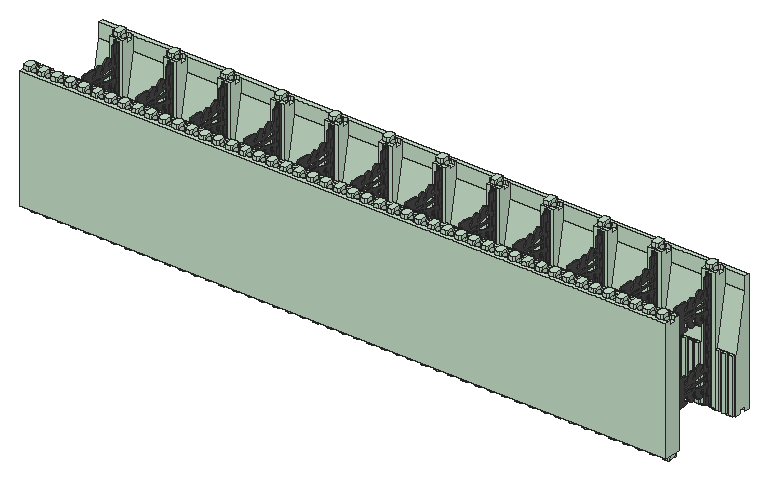
Revit family "ICF- NUDURA 10-inch- Single Sided Taper Top- Imperial", category Generic Models, Revit 2010 (continued)
Forms (in)
  Extrusion 51, void
    sketch origin (86, 0, 0) x (-1, 0, 0) y (0, -1, 0)
      loop
        arc (1, -4.89808) -> (1.04785, -5.04517) -> (1.17308, -5.13595) r 0.25
        arc (1.17308, -5.13595) -> (1.5, -5.1875) -> (1.82692, -5.13595) r 1.0625
        arc (1.82692, -5.13595) -> (1.95215, -5.04517) -> (2, -4.89808) r 0.25
        line (2, -4.89808) -> (2, -3.97692)
        arc (2, -3.97692) -> (1.98276, -3.88568) -> (1.9334, -3.80702) r 0.25
        arc (1.9334, -3.80702) -> (1.92106, -3.78736) -> (1.91675, -3.76455) r 0.0625
        line (1.91675, -3.76455) -> (1.91675, -3.41845) -> (1.74592, -3.41845) -> (1.74592, -3.64005)
        arc (1.74592, -3.64005) -> (1.72385, -3.68771) -> (1.67323, -3.70172) r 0.0625
        arc (1.67323, -3.70172) -> (1.42092, -3.69045) -> (1.17308, -3.73905) r 1.0625
        arc (1.17308, -3.73905) -> (1.04785, -3.82983) -> (1, -3.97692) r 0.25
        line (1, -3.97692) -> (1, -4.89808)
    from 18 to 17.5
  Extrusion 52, void
    sketch origin (78, 0, 0) x (-1, 0, 0) y (0, -1, 0)
      loop
        arc (1, -4.89808) -> (1.04785, -5.04517) -> (1.17308, -5.13595) r 0.25
        arc (1.17308, -5.13595) -> (1.5, -5.1875) -> (1.82692, -5.13595) r 1.0625
        arc (1.82692, -5.13595) -> (1.95215, -5.04517) -> (2, -4.89808) r 0.25
        line (2, -4.89808) -> (2, -3.97692)
        arc (2, -3.97692) -> (1.98276, -3.88568) -> (1.9334, -3.80702) r 0.25
        arc (1.9334, -3.80702) -> (1.92106, -3.78736) -> (1.91675, -3.76455) r 0.0625
        line (1.91675, -3.76455) -> (1.91675, -3.41845) -> (1.74592, -3.41845) -> (1.74592, -3.64005)
        arc (1.74592, -3.64005) -> (1.72385, -3.68771) -> (1.67323, -3.70172) r 0.0625
        arc (1.67323, -3.70172) -> (1.42092, -3.69045) -> (1.17308, -3.73905) r 1.0625
        arc (1.17308, -3.73905) -> (1.04785, -3.82983) -> (1, -3.97692) r 0.25
        line (1, -3.97692) -> (1, -4.89808)
    from 18 to 17.5
  Extrusion 53, void
    sketch origin (70, 0, 0) x (-1, 0, 0) y (0, -1, 0)
      loop
        arc (1, -4.89808) -> (1.04785, -5.04517) -> (1.17308, -5.13595) r 0.25
        arc (1.17308, -5.13595) -> (1.5, -5.1875) -> (1.82692, -5.13595) r 1.0625
        arc (1.82692, -5.13595) -> (1.95215, -5.04517) -> (2, -4.89808) r 0.25
        line (2, -4.89808) -> (2, -3.97692)
        arc (2, -3.97692) -> (1.98276, -3.88568) -> (1.9334, -3.80702) r 0.25
        arc (1.9334, -3.80702) -> (1.92106, -3.78736) -> (1.91675, -3.76455) r 0.0625
        line (1.91675, -3.76455) -> (1.91675, -3.41845) -> (1.74592, -3.41845) -> (1.74592, -3.64005)
        arc (1.74592, -3.64005) -> (1.72385, -3.68771) -> (1.67323, -3.70172) r 0.0625
        arc (1.67323, -3.70172) -> (1.42092, -3.69045) -> (1.17308, -3.73905) r 1.0625
        arc (1.17308, -3.73905) -> (1.04785, -3.82983) -> (1, -3.97692) r 0.25
        line (1, -3.97692) -> (1, -4.89808)
    from 18 to 17.5
  Extrusion 54, void
    sketch origin (62, 0, 0) x (-1, 0, 0) y (0, -1, 0)
      loop
        arc (1, -4.89808) -> (1.04785, -5.04517) -> (1.17308, -5.13595) r 0.25
        arc (1.17308, -5.13595) -> (1.5, -5.1875) -> (1.82692, -5.13595) r 1.0625
        arc (1.82692, -5.13595) -> (1.95215, -5.04517) -> (2, -4.89808) r 0.25
        line (2, -4.89808) -> (2, -3.97692)
        arc (2, -3.97692) -> (1.98276, -3.88568) -> (1.9334, -3.80702) r 0.25
        arc (1.9334, -3.80702) -> (1.92106, -3.78736) -> (1.91675, -3.76455) r 0.0625
        line (1.91675, -3.76455) -> (1.91675, -3.41845) -> (1.74592, -3.41845) -> (1.74592, -3.64005)
        arc (1.74592, -3.64005) -> (1.72385, -3.68771) -> (1.67323, -3.70172) r 0.0625
        arc (1.67323, -3.70172) -> (1.42092, -3.69045) -> (1.17308, -3.73905) r 1.0625
        arc (1.17308, -3.73905) -> (1.04785, -3.82983) -> (1, -3.97692) r 0.25
        line (1, -3.97692) -> (1, -4.89808)
    from 18 to 17.5
  Extrusion 55, void
    sketch origin (54, 0, 0) x (-1, 0, 0) y (0, -1, 0)
      loop
        arc (1, -4.89808) -> (1.04785, -5.04517) -> (1.17308, -5.13595) r 0.25
        arc (1.17308, -5.13595) -> (1.5, -5.1875) -> (1.82692, -5.13595) r 1.0625
        arc (1.82692, -5.13595) -> (1.95215, -5.04517) -> (2, -4.89808) r 0.25
        line (2, -4.89808) -> (2, -3.97692)
        arc (2, -3.97692) -> (1.98276, -3.88568) -> (1.9334, -3.80702) r 0.25
        arc (1.9334, -3.80702) -> (1.92106, -3.78736) -> (1.91675, -3.76455) r 0.0625
        line (1.91675, -3.76455) -> (1.91675, -3.41845) -> (1.74592, -3.41845) -> (1.74592, -3.64005)
        arc (1.74592, -3.64005) -> (1.72385, -3.68771) -> (1.67323, -3.70172) r 0.0625
        arc (1.67323, -3.70172) -> (1.42092, -3.69045) -> (1.17308, -3.73905) r 1.0625
        arc (1.17308, -3.73905) -> (1.04785, -3.82983) -> (1, -3.97692) r 0.25
        line (1, -3.97692) -> (1, -4.89808)
    from 18 to 17.5
  Extrusion 56, void
    sketch origin (46, 0, 0) x (-1, 0, 0) y (0, -1, 0)
      loop
        arc (1, -4.89808) -> (1.04785, -5.04517) -> (1.17308, -5.13595) r 0.25
        arc (1.17308, -5.13595) -> (1.5, -5.1875) -> (1.82692, -5.13595) r 1.0625
        arc (1.82692, -5.13595) -> (1.95215, -5.04517) -> (2, -4.89808) r 0.25
        line (2, -4.89808) -> (2, -3.97692)
        arc (2, -3.97692) -> (1.98276, -3.88568) -> (1.9334, -3.80702) r 0.25
        arc (1.9334, -3.80702) -> (1.92106, -3.78736) -> (1.91675, -3.76455) r 0.0625
        line (1.91675, -3.76455) -> (1.91675, -3.41845) -> (1.74592, -3.41845) -> (1.74592, -3.64005)
        arc (1.74592, -3.64005) -> (1.72385, -3.68771) -> (1.67323, -3.70172) r 0.0625
        arc (1.67323, -3.70172) -> (1.42092, -3.69045) -> (1.17308, -3.73905) r 1.0625
        arc (1.17308, -3.73905) -> (1.04785, -3.82983) -> (1, -3.97692) r 0.25
        line (1, -3.97692) -> (1, -4.89808)
    from 18 to 17.5
  Extrusion 57, void
    sketch origin (38, 0, 0) x (-1, 0, 0) y (0, -1, 0)
      loop
        arc (1, -4.89808) -> (1.04785, -5.04517) -> (1.17308, -5.13595) r 0.25
        arc (1.17308, -5.13595) -> (1.5, -5.1875) -> (1.82692, -5.13595) r 1.0625
        arc (1.82692, -5.13595) -> (1.95215, -5.04517) -> (2, -4.89808) r 0.25
        line (2, -4.89808) -> (2, -3.97692)
        arc (2, -3.97692) -> (1.98276, -3.88568) -> (1.9334, -3.80702) r 0.25
        arc (1.9334, -3.80702) -> (1.92106, -3.78736) -> (1.91675, -3.76455) r 0.0625
        line (1.91675, -3.76455) -> (1.91675, -3.41845) -> (1.74592, -3.41845) -> (1.74592, -3.64005)
        arc (1.74592, -3.64005) -> (1.72385, -3.68771) -> (1.67323, -3.70172) r 0.0625
        arc (1.67323, -3.70172) -> (1.42092, -3.69045) -> (1.17308, -3.73905) r 1.0625
        arc (1.17308, -3.73905) -> (1.04785, -3.82983) -> (1, -3.97692) r 0.25
        line (1, -3.97692) -> (1, -4.89808)
    from 18 to 17.5
  Extrusion 58, void
    sketch origin (30, 0, 0) x (-1, 0, 0) y (0, -1, 0)
      loop
        arc (1, -4.89808) -> (1.04785, -5.04517) -> (1.17308, -5.13595) r 0.25
        arc (1.17308, -5.13595) -> (1.5, -5.1875) -> (1.82692, -5.13595) r 1.0625
        arc (1.82692, -5.13595) -> (1.95215, -5.04517) -> (2, -4.89808) r 0.25
        line (2, -4.89808) -> (2, -3.97692)
        arc (2, -3.97692) -> (1.98276, -3.88568) -> (1.9334, -3.80702) r 0.25
        arc (1.9334, -3.80702) -> (1.92106, -3.78736) -> (1.91675, -3.76455) r 0.0625
        line (1.91675, -3.76455) -> (1.91675, -3.41845) -> (1.74592, -3.41845) -> (1.74592, -3.64005)
        arc (1.74592, -3.64005) -> (1.72385, -3.68771) -> (1.67323, -3.70172) r 0.0625
        arc (1.67323, -3.70172) -> (1.42092, -3.69045) -> (1.17308, -3.73905) r 1.0625
        arc (1.17308, -3.73905) -> (1.04785, -3.82983) -> (1, -3.97692) r 0.25
        line (1, -3.97692) -> (1, -4.89808)
    from 18 to 17.5
  Extrusion 59, void
    sketch origin (22, 0, 0) x (-1, 0, 0) y (0, -1, 0)
      loop
        arc (1, -4.89808) -> (1.04785, -5.04517) -> (1.17308, -5.13595) r 0.25
        arc (1.17308, -5.13595) -> (1.5, -5.1875) -> (1.82692, -5.13595) r 1.0625
        arc (1.82692, -5.13595) -> (1.95215, -5.04517) -> (2, -4.89808) r 0.25
        line (2, -4.89808) -> (2, -3.97692)
        arc (2, -3.97692) -> (1.98276, -3.88568) -> (1.9334, -3.80702) r 0.25
        arc (1.9334, -3.80702) -> (1.92106, -3.78736) -> (1.91675, -3.76455) r 0.0625
        line (1.91675, -3.76455) -> (1.91675, -3.41845) -> (1.74592, -3.41845) -> (1.74592, -3.64005)
        arc (1.74592, -3.64005) -> (1.72385, -3.68771) -> (1.67323, -3.70172) r 0.0625
        arc (1.67323, -3.70172) -> (1.42092, -3.69045) -> (1.17308, -3.73905) r 1.0625
        arc (1.17308, -3.73905) -> (1.04785, -3.82983) -> (1, -3.97692) r 0.25
        line (1, -3.97692) -> (1, -4.89808)
    from 18 to 17.5
  Extrusion 60, void
    sketch origin (14, 0, 0) x (-1, 0, 0) y (0, -1, 0)
      loop
        arc (1, -4.89808) -> (1.04785, -5.04517) -> (1.17308, -5.13595) r 0.25
        arc (1.17308, -5.13595) -> (1.5, -5.1875) -> (1.82692, -5.13595) r 1.0625
        arc (1.82692, -5.13595) -> (1.95215, -5.04517) -> (2, -4.89808) r 0.25
        line (2, -4.89808) -> (2, -3.97692)
        arc (2, -3.97692) -> (1.98276, -3.88568) -> (1.9334, -3.80702) r 0.25
        arc (1.9334, -3.80702) -> (1.92106, -3.78736) -> (1.91675, -3.76455) r 0.0625
        line (1.91675, -3.76455) -> (1.91675, -3.41845) -> (1.74592, -3.41845) -> (1.74592, -3.64005)
        arc (1.74592, -3.64005) -> (1.72385, -3.68771) -> (1.67323, -3.70172) r 0.0625
        arc (1.67323, -3.70172) -> (1.42092, -3.69045) -> (1.17308, -3.73905) r 1.0625
        arc (1.17308, -3.73905) -> (1.04785, -3.82983) -> (1, -3.97692) r 0.25
        line (1, -3.97692) -> (1, -4.89808)
    from 18 to 17.5
  Extrusion 61, void
    sketch origin (6, 0, 0) x (-1, 0, 0) y (0, -1, 0)
      loop
        arc (1, -4.89808) -> (1.04785, -5.04517) -> (1.17308, -5.13595) r 0.25
        arc (1.17308, -5.13595) -> (1.5, -5.1875) -> (1.82692, -5.13595) r 1.0625
        arc (1.82692, -5.13595) -> (1.95215, -5.04517) -> (2, -4.89808) r 0.25
        line (2, -4.89808) -> (2, -3.97692)
        arc (2, -3.97692) -> (1.98276, -3.88568) -> (1.9334, -3.80702) r 0.25
        arc (1.9334, -3.80702) -> (1.92106, -3.78736) -> (1.91675, -3.76455) r 0.0625
        line (1.91675, -3.76455) -> (1.91675, -3.41845) -> (1.74592, -3.41845) -> (1.74592, -3.64005)
        arc (1.74592, -3.64005) -> (1.72385, -3.68771) -> (1.67323, -3.70172) r 0.0625
        arc (1.67323, -3.70172) -> (1.42092, -3.69045) -> (1.17308, -3.73905) r 1.0625
        arc (1.17308, -3.73905) -> (1.04785, -3.82983) -> (1, -3.97692) r 0.25
        line (1, -3.97692) -> (1, -4.89808)
    from 18 to 17.5
  Extrusion 62, void
    sketch origin (2, -4, 0) x (-1, 0, 0) y (0, -1, 0)
      loop
        line (1, 4.89808) -> (1, 3.97692)
        arc (1, 3.97692) -> (1.04785, 3.82983) -> (1.17308, 3.73905) r 0.25
        arc (1.17308, 3.73905) -> (1.42092, 3.69045) -> (1.67323, 3.70172) r 1.0625
        arc (1.67323, 3.70172) -> (1.72385, 3.68771) -> (1.74592, 3.64005) r 0.0625
        line (1.74592, 3.64005) -> (1.74592, 3.41845) -> (1.91675, 3.41845) -> (1.91675, 3.76455)
        arc (1.91675, 3.76455) -> (1.92106, 3.78736) -> (1.9334, 3.80702) r 0.0625
        arc (1.9334, 3.80702) -> (1.98276, 3.88568) -> (2, 3.97692) r 0.25
        line (2, 3.97692) -> (2, 4.89808)
        arc (2, 4.89808) -> (1.95215, 5.04517) -> (1.82692, 5.13595) r 0.25
        arc (1.82692, 5.13595) -> (1.5, 5.1875) -> (1.17308, 5.13595) r 1.0625
        arc (1.17308, 5.13595) -> (1.04785, 5.04517) -> (1, 4.89808) r 0.25
    from 0 to 0.5
  Extrusion 63, void
    sketch origin (4, -4, 0) x (-1, 0, 0) y (0, -1, 0)
      loop
        line (1, 4.89808) -> (1, 3.97692)
        arc (1, 3.97692) -> (1.04785, 3.82983) -> (1.17308, 3.73905) r 0.25
        arc (1.17308, 3.73905) -> (1.42092, 3.69045) -> (1.67323, 3.70172) r 1.0625
        arc (1.67323, 3.70172) -> (1.72385, 3.68771) -> (1.74592, 3.64005) r 0.0625
        line (1.74592, 3.64005) -> (1.74592, 3.41845) -> (1.91675, 3.41845) -> (1.91675, 3.76455)
        arc (1.91675, 3.76455) -> (1.92106, 3.78736) -> (1.9334, 3.80702) r 0.0625
        arc (1.9334, 3.80702) -> (1.98276, 3.88568) -> (2, 3.97692) r 0.25
        line (2, 3.97692) -> (2, 4.89808)
        arc (2, 4.89808) -> (1.95215, 5.04517) -> (1.82692, 5.13595) r 0.25
        arc (1.82692, 5.13595) -> (1.5, 5.1875) -> (1.17308, 5.13595) r 1.0625
        arc (1.17308, 5.13595) -> (1.04785, 5.04517) -> (1, 4.89808) r 0.25
    from 0 to 0.5
  Extrusion 64, void
    sketch origin (6, -4, 0) x (-1, 0, 0) y (0, -1, 0)
      loop
        line (1, 4.89808) -> (1, 3.97692)
        arc (1, 3.97692) -> (1.04785, 3.82983) -> (1.17308, 3.73905) r 0.25
        arc (1.17308, 3.73905) -> (1.42092, 3.69045) -> (1.67323, 3.70172) r 1.0625
        arc (1.67323, 3.70172) -> (1.72385, 3.68771) -> (1.74592, 3.64005) r 0.0625
        line (1.74592, 3.64005) -> (1.74592, 3.41845) -> (1.91675, 3.41845) -> (1.91675, 3.76455)
        arc (1.91675, 3.76455) -> (1.92106, 3.78736) -> (1.9334, 3.80702) r 0.0625
        arc (1.9334, 3.80702) -> (1.98276, 3.88568) -> (2, 3.97692) r 0.25
        line (2, 3.97692) -> (2, 4.89808)
        arc (2, 4.89808) -> (1.95215, 5.04517) -> (1.82692, 5.13595) r 0.25
        arc (1.82692, 5.13595) -> (1.5, 5.1875) -> (1.17308, 5.13595) r 1.0625
        arc (1.17308, 5.13595) -> (1.04785, 5.04517) -> (1, 4.89808) r 0.25
    from 0 to 0.5
  Extrusion 65, void
    sketch origin (8, -4, 0) x (-1, 0, 0) y (0, -1, 0)
      loop
        line (1, 4.89808) -> (1, 3.97692)
        arc (1, 3.97692) -> (1.04785, 3.82983) -> (1.17308, 3.73905) r 0.25
        arc (1.17308, 3.73905) -> (1.42092, 3.69045) -> (1.67323, 3.70172) r 1.0625
        arc (1.67323, 3.70172) -> (1.72385, 3.68771) -> (1.74592, 3.64005) r 0.0625
        line (1.74592, 3.64005) -> (1.74592, 3.41845) -> (1.91675, 3.41845) -> (1.91675, 3.76455)
        arc (1.91675, 3.76455) -> (1.92106, 3.78736) -> (1.9334, 3.80702) r 0.0625
        arc (1.9334, 3.80702) -> (1.98276, 3.88568) -> (2, 3.97692) r 0.25
        line (2, 3.97692) -> (2, 4.89808)
        arc (2, 4.89808) -> (1.95215, 5.04517) -> (1.82692, 5.13595) r 0.25
        arc (1.82692, 5.13595) -> (1.5, 5.1875) -> (1.17308, 5.13595) r 1.0625
        arc (1.17308, 5.13595) -> (1.04785, 5.04517) -> (1, 4.89808) r 0.25
    from 0 to 0.5
  Extrusion 66, void
    sketch origin (10, -4, 0) x (-1, 0, 0) y (0, -1, 0)
      loop
        line (1, 4.89808) -> (1, 3.97692)
        arc (1, 3.97692) -> (1.04785, 3.82983) -> (1.17308, 3.73905) r 0.25
        arc (1.17308, 3.73905) -> (1.42092, 3.69045) -> (1.67323, 3.70172) r 1.0625
        arc (1.67323, 3.70172) -> (1.72385, 3.68771) -> (1.74592, 3.64005) r 0.0625
        line (1.74592, 3.64005) -> (1.74592, 3.41845) -> (1.91675, 3.41845) -> (1.91675, 3.76455)
        arc (1.91675, 3.76455) -> (1.92106, 3.78736) -> (1.9334, 3.80702) r 0.0625
        arc (1.9334, 3.80702) -> (1.98276, 3.88568) -> (2, 3.97692) r 0.25
        line (2, 3.97692) -> (2, 4.89808)
        arc (2, 4.89808) -> (1.95215, 5.04517) -> (1.82692, 5.13595) r 0.25
        arc (1.82692, 5.13595) -> (1.5, 5.1875) -> (1.17308, 5.13595) r 1.0625
        arc (1.17308, 5.13595) -> (1.04785, 5.04517) -> (1, 4.89808) r 0.25
    from 0 to 0.5
  Extrusion 67, void
    sketch origin (12, -4, 0) x (-1, 0, 0) y (0, -1, 0)
      loop
        line (1, 4.89808) -> (1, 3.97692)
        arc (1, 3.97692) -> (1.04785, 3.82983) -> (1.17308, 3.73905) r 0.25
        arc (1.17308, 3.73905) -> (1.42092, 3.69045) -> (1.67323, 3.70172) r 1.0625
        arc (1.67323, 3.70172) -> (1.72385, 3.68771) -> (1.74592, 3.64005) r 0.0625
        line (1.74592, 3.64005) -> (1.74592, 3.41845) -> (1.91675, 3.41845) -> (1.91675, 3.76455)
        arc (1.91675, 3.76455) -> (1.92106, 3.78736) -> (1.9334, 3.80702) r 0.0625
        arc (1.9334, 3.80702) -> (1.98276, 3.88568) -> (2, 3.97692) r 0.25
        line (2, 3.97692) -> (2, 4.89808)
        arc (2, 4.89808) -> (1.95215, 5.04517) -> (1.82692, 5.13595) r 0.25
        arc (1.82692, 5.13595) -> (1.5, 5.1875) -> (1.17308, 5.13595) r 1.0625
        arc (1.17308, 5.13595) -> (1.04785, 5.04517) -> (1, 4.89808) r 0.25
    from 0 to 0.5
  Extrusion 68, void
    sketch origin (14, -4, 0) x (-1, 0, 0) y (0, -1, 0)
      loop
        line (1, 4.89808) -> (1, 3.97692)
        arc (1, 3.97692) -> (1.04785, 3.82983) -> (1.17308, 3.73905) r 0.25
        arc (1.17308, 3.73905) -> (1.42092, 3.69045) -> (1.67323, 3.70172) r 1.0625
        arc (1.67323, 3.70172) -> (1.72385, 3.68771) -> (1.74592, 3.64005) r 0.0625
        line (1.74592, 3.64005) -> (1.74592, 3.41845) -> (1.91675, 3.41845) -> (1.91675, 3.76455)
        arc (1.91675, 3.76455) -> (1.92106, 3.78736) -> (1.9334, 3.80702) r 0.0625
        arc (1.9334, 3.80702) -> (1.98276, 3.88568) -> (2, 3.97692) r 0.25
        line (2, 3.97692) -> (2, 4.89808)
        arc (2, 4.89808) -> (1.95215, 5.04517) -> (1.82692, 5.13595) r 0.25
        arc (1.82692, 5.13595) -> (1.5, 5.1875) -> (1.17308, 5.13595) r 1.0625
        arc (1.17308, 5.13595) -> (1.04785, 5.04517) -> (1, 4.89808) r 0.25
    from 0 to 0.5
  Extrusion 69, void
    sketch origin (16, -4, 0) x (-1, 0, 0) y (0, -1, 0)
      loop
        line (1, 4.89808) -> (1, 3.97692)
        arc (1, 3.97692) -> (1.04785, 3.82983) -> (1.17308, 3.73905) r 0.25
        arc (1.17308, 3.73905) -> (1.42092, 3.69045) -> (1.67323, 3.70172) r 1.0625
        arc (1.67323, 3.70172) -> (1.72385, 3.68771) -> (1.74592, 3.64005) r 0.0625
        line (1.74592, 3.64005) -> (1.74592, 3.41845) -> (1.91675, 3.41845) -> (1.91675, 3.76455)
        arc (1.91675, 3.76455) -> (1.92106, 3.78736) -> (1.9334, 3.80702) r 0.0625
        arc (1.9334, 3.80702) -> (1.98276, 3.88568) -> (2, 3.97692) r 0.25
        line (2, 3.97692) -> (2, 4.89808)
        arc (2, 4.89808) -> (1.95215, 5.04517) -> (1.82692, 5.13595) r 0.25
        arc (1.82692, 5.13595) -> (1.5, 5.1875) -> (1.17308, 5.13595) r 1.0625
        arc (1.17308, 5.13595) -> (1.04785, 5.04517) -> (1, 4.89808) r 0.25
    from 0 to 0.5
  Extrusion 70, void
    sketch origin (18, -4, 0) x (-1, 0, 0) y (0, -1, 0)
      loop
        line (1, 4.89808) -> (1, 3.97692)
        arc (1, 3.97692) -> (1.04785, 3.82983) -> (1.17308, 3.73905) r 0.25
        arc (1.17308, 3.73905) -> (1.42092, 3.69045) -> (1.67323, 3.70172) r 1.0625
        arc (1.67323, 3.70172) -> (1.72385, 3.68771) -> (1.74592, 3.64005) r 0.0625
        line (1.74592, 3.64005) -> (1.74592, 3.41845) -> (1.91675, 3.41845) -> (1.91675, 3.76455)
        arc (1.91675, 3.76455) -> (1.92106, 3.78736) -> (1.9334, 3.80702) r 0.0625
        arc (1.9334, 3.80702) -> (1.98276, 3.88568) -> (2, 3.97692) r 0.25
        line (2, 3.97692) -> (2, 4.89808)
        arc (2, 4.89808) -> (1.95215, 5.04517) -> (1.82692, 5.13595) r 0.25
        arc (1.82692, 5.13595) -> (1.5, 5.1875) -> (1.17308, 5.13595) r 1.0625
        arc (1.17308, 5.13595) -> (1.04785, 5.04517) -> (1, 4.89808) r 0.25
    from 0 to 0.5
  Extrusion 71, void
    sketch origin (20, -4, 0) x (-1, 0, 0) y (0, -1, 0)
      loop
        line (1, 4.89808) -> (1, 3.97692)
        arc (1, 3.97692) -> (1.04785, 3.82983) -> (1.17308, 3.73905) r 0.25
        arc (1.17308, 3.73905) -> (1.42092, 3.69045) -> (1.67323, 3.70172) r 1.0625
        arc (1.67323, 3.70172) -> (1.72385, 3.68771) -> (1.74592, 3.64005) r 0.0625
        line (1.74592, 3.64005) -> (1.74592, 3.41845) -> (1.91675, 3.41845) -> (1.91675, 3.76455)
        arc (1.91675, 3.76455) -> (1.92106, 3.78736) -> (1.9334, 3.80702) r 0.0625
        arc (1.9334, 3.80702) -> (1.98276, 3.88568) -> (2, 3.97692) r 0.25
        line (2, 3.97692) -> (2, 4.89808)
        arc (2, 4.89808) -> (1.95215, 5.04517) -> (1.82692, 5.13595) r 0.25
        arc (1.82692, 5.13595) -> (1.5, 5.1875) -> (1.17308, 5.13595) r 1.0625
        arc (1.17308, 5.13595) -> (1.04785, 5.04517) -> (1, 4.89808) r 0.25
    from 0 to 0.5
  Extrusion 72, void
    sketch origin (22, -4, 0) x (-1, 0, 0) y (0, -1, 0)
      loop
        line (1, 4.89808) -> (1, 3.97692)
        arc (1, 3.97692) -> (1.04785, 3.82983) -> (1.17308, 3.73905) r 0.25
        arc (1.17308, 3.73905) -> (1.42092, 3.69045) -> (1.67323, 3.70172) r 1.0625
        arc (1.67323, 3.70172) -> (1.72385, 3.68771) -> (1.74592, 3.64005) r 0.0625
        line (1.74592, 3.64005) -> (1.74592, 3.41845) -> (1.91675, 3.41845) -> (1.91675, 3.76455)
        arc (1.91675, 3.76455) -> (1.92106, 3.78736) -> (1.9334, 3.80702) r 0.0625
        arc (1.9334, 3.80702) -> (1.98276, 3.88568) -> (2, 3.97692) r 0.25
        line (2, 3.97692) -> (2, 4.89808)
        arc (2, 4.89808) -> (1.95215, 5.04517) -> (1.82692, 5.13595) r 0.25
        arc (1.82692, 5.13595) -> (1.5, 5.1875) -> (1.17308, 5.13595) r 1.0625
        arc (1.17308, 5.13595) -> (1.04785, 5.04517) -> (1, 4.89808) r 0.25
    from 0 to 0.5
  Extrusion 73, void
    sketch origin (24, -4, 0) x (-1, 0, 0) y (0, -1, 0)
      loop
        line (1, 4.89808) -> (1, 3.97692)
        arc (1, 3.97692) -> (1.04785, 3.82983) -> (1.17308, 3.73905) r 0.25
        arc (1.17308, 3.73905) -> (1.42092, 3.69045) -> (1.67323, 3.70172) r 1.0625
        arc (1.67323, 3.70172) -> (1.72385, 3.68771) -> (1.74592, 3.64005) r 0.0625
        line (1.74592, 3.64005) -> (1.74592, 3.41845) -> (1.91675, 3.41845) -> (1.91675, 3.76455)
        arc (1.91675, 3.76455) -> (1.92106, 3.78736) -> (1.9334, 3.80702) r 0.0625
        arc (1.9334, 3.80702) -> (1.98276, 3.88568) -> (2, 3.97692) r 0.25
        line (2, 3.97692) -> (2, 4.89808)
        arc (2, 4.89808) -> (1.95215, 5.04517) -> (1.82692, 5.13595) r 0.25
        arc (1.82692, 5.13595) -> (1.5, 5.1875) -> (1.17308, 5.13595) r 1.0625
        arc (1.17308, 5.13595) -> (1.04785, 5.04517) -> (1, 4.89808) r 0.25
    from 0 to 0.5
  Extrusion 74, void
    sketch origin (26, -4, 0) x (-1, 0, 0) y (0, -1, 0)
      loop
        line (1, 4.89808) -> (1, 3.97692)
        arc (1, 3.97692) -> (1.04785, 3.82983) -> (1.17308, 3.73905) r 0.25
        arc (1.17308, 3.73905) -> (1.42092, 3.69045) -> (1.67323, 3.70172) r 1.0625
        arc (1.67323, 3.70172) -> (1.72385, 3.68771) -> (1.74592, 3.64005) r 0.0625
        line (1.74592, 3.64005) -> (1.74592, 3.41845) -> (1.91675, 3.41845) -> (1.91675, 3.76455)
        arc (1.91675, 3.76455) -> (1.92106, 3.78736) -> (1.9334, 3.80702) r 0.0625
        arc (1.9334, 3.80702) -> (1.98276, 3.88568) -> (2, 3.97692) r 0.25
        line (2, 3.97692) -> (2, 4.89808)
        arc (2, 4.89808) -> (1.95215, 5.04517) -> (1.82692, 5.13595) r 0.25
        arc (1.82692, 5.13595) -> (1.5, 5.1875) -> (1.17308, 5.13595) r 1.0625
        arc (1.17308, 5.13595) -> (1.04785, 5.04517) -> (1, 4.89808) r 0.25
    from 0 to 0.5
  Extrusion 75, void
    sketch origin (28, -4, 0) x (-1, 0, 0) y (0, -1, 0)
      loop
        line (1, 4.89808) -> (1, 3.97692)
        arc (1, 3.97692) -> (1.04785, 3.82983) -> (1.17308, 3.73905) r 0.25
        arc (1.17308, 3.73905) -> (1.42092, 3.69045) -> (1.67323, 3.70172) r 1.0625
        arc (1.67323, 3.70172) -> (1.72385, 3.68771) -> (1.74592, 3.64005) r 0.0625
        line (1.74592, 3.64005) -> (1.74592, 3.41845) -> (1.91675, 3.41845) -> (1.91675, 3.76455)
        arc (1.91675, 3.76455) -> (1.92106, 3.78736) -> (1.9334, 3.80702) r 0.0625
        arc (1.9334, 3.80702) -> (1.98276, 3.88568) -> (2, 3.97692) r 0.25
        line (2, 3.97692) -> (2, 4.89808)
        arc (2, 4.89808) -> (1.95215, 5.04517) -> (1.82692, 5.13595) r 0.25
        arc (1.82692, 5.13595) -> (1.5, 5.1875) -> (1.17308, 5.13595) r 1.0625
        arc (1.17308, 5.13595) -> (1.04785, 5.04517) -> (1, 4.89808) r 0.25
    from 0 to 0.5
  Extrusion 76, void
    sketch origin (30, -4, 0) x (-1, 0, 0) y (0, -1, 0)
      loop
        line (1, 4.89808) -> (1, 3.97692)
        arc (1, 3.97692) -> (1.04785, 3.82983) -> (1.17308, 3.73905) r 0.25
        arc (1.17308, 3.73905) -> (1.42092, 3.69045) -> (1.67323, 3.70172) r 1.0625
        arc (1.67323, 3.70172) -> (1.72385, 3.68771) -> (1.74592, 3.64005) r 0.0625
        line (1.74592, 3.64005) -> (1.74592, 3.41845) -> (1.91675, 3.41845) -> (1.91675, 3.76455)
        arc (1.91675, 3.76455) -> (1.92106, 3.78736) -> (1.9334, 3.80702) r 0.0625
        arc (1.9334, 3.80702) -> (1.98276, 3.88568) -> (2, 3.97692) r 0.25
        line (2, 3.97692) -> (2, 4.89808)
        arc (2, 4.89808) -> (1.95215, 5.04517) -> (1.82692, 5.13595) r 0.25
        arc (1.82692, 5.13595) -> (1.5, 5.1875) -> (1.17308, 5.13595) r 1.0625
        arc (1.17308, 5.13595) -> (1.04785, 5.04517) -> (1, 4.89808) r 0.25
    from 0 to 0.5
  Extrusion 77, void
    sketch origin (32, -4, 0) x (-1, 0, 0) y (0, -1, 0)
      loop
        line (1, 4.89808) -> (1, 3.97692)
        arc (1, 3.97692) -> (1.04785, 3.82983) -> (1.17308, 3.73905) r 0.25
        arc (1.17308, 3.73905) -> (1.42092, 3.69045) -> (1.67323, 3.70172) r 1.0625
        arc (1.67323, 3.70172) -> (1.72385, 3.68771) -> (1.74592, 3.64005) r 0.0625
        line (1.74592, 3.64005) -> (1.74592, 3.41845) -> (1.91675, 3.41845) -> (1.91675, 3.76455)
        arc (1.91675, 3.76455) -> (1.92106, 3.78736) -> (1.9334, 3.80702) r 0.0625
        arc (1.9334, 3.80702) -> (1.98276, 3.88568) -> (2, 3.97692) r 0.25
        line (2, 3.97692) -> (2, 4.89808)
        arc (2, 4.89808) -> (1.95215, 5.04517) -> (1.82692, 5.13595) r 0.25
        arc (1.82692, 5.13595) -> (1.5, 5.1875) -> (1.17308, 5.13595) r 1.0625
        arc (1.17308, 5.13595) -> (1.04785, 5.04517) -> (1, 4.89808) r 0.25
    from 0 to 0.5
  Extrusion 78, void
    sketch origin (34, -4, 0) x (-1, 0, 0) y (0, -1, 0)
      loop
        line (1, 4.89808) -> (1, 3.97692)
        arc (1, 3.97692) -> (1.04785, 3.82983) -> (1.17308, 3.73905) r 0.25
        arc (1.17308, 3.73905) -> (1.42092, 3.69045) -> (1.67323, 3.70172) r 1.0625
        arc (1.67323, 3.70172) -> (1.72385, 3.68771) -> (1.74592, 3.64005) r 0.0625
        line (1.74592, 3.64005) -> (1.74592, 3.41845) -> (1.91675, 3.41845) -> (1.91675, 3.76455)
        arc (1.91675, 3.76455) -> (1.92106, 3.78736) -> (1.9334, 3.80702) r 0.0625
        arc (1.9334, 3.80702) -> (1.98276, 3.88568) -> (2, 3.97692) r 0.25
        line (2, 3.97692) -> (2, 4.89808)
        arc (2, 4.89808) -> (1.95215, 5.04517) -> (1.82692, 5.13595) r 0.25
        arc (1.82692, 5.13595) -> (1.5, 5.1875) -> (1.17308, 5.13595) r 1.0625
        arc (1.17308, 5.13595) -> (1.04785, 5.04517) -> (1, 4.89808) r 0.25
    from 0 to 0.5
  Extrusion 79, void
    sketch origin (36, -4, 0) x (-1, 0, 0) y (0, -1, 0)
      loop
        line (1, 4.89808) -> (1, 3.97692)
        arc (1, 3.97692) -> (1.04785, 3.82983) -> (1.17308, 3.73905) r 0.25
        arc (1.17308, 3.73905) -> (1.42092, 3.69045) -> (1.67323, 3.70172) r 1.0625
        arc (1.67323, 3.70172) -> (1.72385, 3.68771) -> (1.74592, 3.64005) r 0.0625
        line (1.74592, 3.64005) -> (1.74592, 3.41845) -> (1.91675, 3.41845) -> (1.91675, 3.76455)
        arc (1.91675, 3.76455) -> (1.92106, 3.78736) -> (1.9334, 3.80702) r 0.0625
        arc (1.9334, 3.80702) -> (1.98276, 3.88568) -> (2, 3.97692) r 0.25
        line (2, 3.97692) -> (2, 4.89808)
        arc (2, 4.89808) -> (1.95215, 5.04517) -> (1.82692, 5.13595) r 0.25
        arc (1.82692, 5.13595) -> (1.5, 5.1875) -> (1.17308, 5.13595) r 1.0625
        arc (1.17308, 5.13595) -> (1.04785, 5.04517) -> (1, 4.89808) r 0.25
    from 0 to 0.5
  Extrusion 80, void
    sketch origin (38, -4, 0) x (-1, 0, 0) y (0, -1, 0)
      loop
        line (1, 4.89808) -> (1, 3.97692)
        arc (1, 3.97692) -> (1.04785, 3.82983) -> (1.17308, 3.73905) r 0.25
        arc (1.17308, 3.73905) -> (1.42092, 3.69045) -> (1.67323, 3.70172) r 1.0625
        arc (1.67323, 3.70172) -> (1.72385, 3.68771) -> (1.74592, 3.64005) r 0.0625
        line (1.74592, 3.64005) -> (1.74592, 3.41845) -> (1.91675, 3.41845) -> (1.91675, 3.76455)
        arc (1.91675, 3.76455) -> (1.92106, 3.78736) -> (1.9334, 3.80702) r 0.0625
        arc (1.9334, 3.80702) -> (1.98276, 3.88568) -> (2, 3.97692) r 0.25
        line (2, 3.97692) -> (2, 4.89808)
        arc (2, 4.89808) -> (1.95215, 5.04517) -> (1.82692, 5.13595) r 0.25
        arc (1.82692, 5.13595) -> (1.5, 5.1875) -> (1.17308, 5.13595) r 1.0625
        arc (1.17308, 5.13595) -> (1.04785, 5.04517) -> (1, 4.89808) r 0.25
    from 0 to 0.5
  Extrusion 81, void
    sketch origin (40, -4, 0) x (-1, 0, 0) y (0, -1, 0)
      loop
        line (1, 4.89808) -> (1, 3.97692)
        arc (1, 3.97692) -> (1.04785, 3.82983) -> (1.17308, 3.73905) r 0.25
        arc (1.17308, 3.73905) -> (1.42092, 3.69045) -> (1.67323, 3.70172) r 1.0625
        arc (1.67323, 3.70172) -> (1.72385, 3.68771) -> (1.74592, 3.64005) r 0.0625
        line (1.74592, 3.64005) -> (1.74592, 3.41845) -> (1.91675, 3.41845) -> (1.91675, 3.76455)
        arc (1.91675, 3.76455) -> (1.92106, 3.78736) -> (1.9334, 3.80702) r 0.0625
        arc (1.9334, 3.80702) -> (1.98276, 3.88568) -> (2, 3.97692) r 0.25
        line (2, 3.97692) -> (2, 4.89808)
        arc (2, 4.89808) -> (1.95215, 5.04517) -> (1.82692, 5.13595) r 0.25
        arc (1.82692, 5.13595) -> (1.5, 5.1875) -> (1.17308, 5.13595) r 1.0625
        arc (1.17308, 5.13595) -> (1.04785, 5.04517) -> (1, 4.89808) r 0.25
    from 0 to 0.5
  Extrusion 82, void
    sketch origin (42, -4, 0) x (-1, 0, 0) y (0, -1, 0)
      loop
        line (1, 4.89808) -> (1, 3.97692)
        arc (1, 3.97692) -> (1.04785, 3.82983) -> (1.17308, 3.73905) r 0.25
        arc (1.17308, 3.73905) -> (1.42092, 3.69045) -> (1.67323, 3.70172) r 1.0625
        arc (1.67323, 3.70172) -> (1.72385, 3.68771) -> (1.74592, 3.64005) r 0.0625
        line (1.74592, 3.64005) -> (1.74592, 3.41845) -> (1.91675, 3.41845) -> (1.91675, 3.76455)
        arc (1.91675, 3.76455) -> (1.92106, 3.78736) -> (1.9334, 3.80702) r 0.0625
        arc (1.9334, 3.80702) -> (1.98276, 3.88568) -> (2, 3.97692) r 0.25
        line (2, 3.97692) -> (2, 4.89808)
        arc (2, 4.89808) -> (1.95215, 5.04517) -> (1.82692, 5.13595) r 0.25
        arc (1.82692, 5.13595) -> (1.5, 5.1875) -> (1.17308, 5.13595) r 1.0625
        arc (1.17308, 5.13595) -> (1.04785, 5.04517) -> (1, 4.89808) r 0.25
    from 0 to 0.5
  Extrusion 83, void
    sketch origin (44, -4, 0) x (-1, 0, 0) y (0, -1, 0)
      loop
        line (1, 4.89808) -> (1, 3.97692)
        arc (1, 3.97692) -> (1.04785, 3.82983) -> (1.17308, 3.73905) r 0.25
        arc (1.17308, 3.73905) -> (1.42092, 3.69045) -> (1.67323, 3.70172) r 1.0625
        arc (1.67323, 3.70172) -> (1.72385, 3.68771) -> (1.74592, 3.64005) r 0.0625
        line (1.74592, 3.64005) -> (1.74592, 3.41845) -> (1.91675, 3.41845) -> (1.91675, 3.76455)
        arc (1.91675, 3.76455) -> (1.92106, 3.78736) -> (1.9334, 3.80702) r 0.0625
        arc (1.9334, 3.80702) -> (1.98276, 3.88568) -> (2, 3.97692) r 0.25
        line (2, 3.97692) -> (2, 4.89808)
        arc (2, 4.89808) -> (1.95215, 5.04517) -> (1.82692, 5.13595) r 0.25
        arc (1.82692, 5.13595) -> (1.5, 5.1875) -> (1.17308, 5.13595) r 1.0625
        arc (1.17308, 5.13595) -> (1.04785, 5.04517) -> (1, 4.89808) r 0.25
    from 0 to 0.5
  Extrusion 84, void
    sketch origin (46, -4, 0) x (-1, 0, 0) y (0, -1, 0)
      loop
        line (1, 4.89808) -> (1, 3.97692)
        arc (1, 3.97692) -> (1.04785, 3.82983) -> (1.17308, 3.73905) r 0.25
        arc (1.17308, 3.73905) -> (1.42092, 3.69045) -> (1.67323, 3.70172) r 1.0625
        arc (1.67323, 3.70172) -> (1.72385, 3.68771) -> (1.74592, 3.64005) r 0.0625
        line (1.74592, 3.64005) -> (1.74592, 3.41845) -> (1.91675, 3.41845) -> (1.91675, 3.76455)
        arc (1.91675, 3.76455) -> (1.92106, 3.78736) -> (1.9334, 3.80702) r 0.0625
        arc (1.9334, 3.80702) -> (1.98276, 3.88568) -> (2, 3.97692) r 0.25
        line (2, 3.97692) -> (2, 4.89808)
        arc (2, 4.89808) -> (1.95215, 5.04517) -> (1.82692, 5.13595) r 0.25
        arc (1.82692, 5.13595) -> (1.5, 5.1875) -> (1.17308, 5.13595) r 1.0625
        arc (1.17308, 5.13595) -> (1.04785, 5.04517) -> (1, 4.89808) r 0.25
    from 0 to 0.5
  Extrusion 85, void
    sketch origin (48, -4, 0) x (-1, 0, 0) y (0, -1, 0)
      loop
        line (1, 4.89808) -> (1, 3.97692)
        arc (1, 3.97692) -> (1.04785, 3.82983) -> (1.17308, 3.73905) r 0.25
        arc (1.17308, 3.73905) -> (1.42092, 3.69045) -> (1.67323, 3.70172) r 1.0625
        arc (1.67323, 3.70172) -> (1.72385, 3.68771) -> (1.74592, 3.64005) r 0.0625
        line (1.74592, 3.64005) -> (1.74592, 3.41845) -> (1.91675, 3.41845) -> (1.91675, 3.76455)
        arc (1.91675, 3.76455) -> (1.92106, 3.78736) -> (1.9334, 3.80702) r 0.0625
        arc (1.9334, 3.80702) -> (1.98276, 3.88568) -> (2, 3.97692) r 0.25
        line (2, 3.97692) -> (2, 4.89808)
        arc (2, 4.89808) -> (1.95215, 5.04517) -> (1.82692, 5.13595) r 0.25
        arc (1.82692, 5.13595) -> (1.5, 5.1875) -> (1.17308, 5.13595) r 1.0625
        arc (1.17308, 5.13595) -> (1.04785, 5.04517) -> (1, 4.89808) r 0.25
    from 0 to 0.5
  Extrusion 86, void
    sketch origin (50, -4, 0) x (-1, 0, 0) y (0, -1, 0)
      loop
        line (1, 4.89808) -> (1, 3.97692)
        arc (1, 3.97692) -> (1.04785, 3.82983) -> (1.17308, 3.73905) r 0.25
        arc (1.17308, 3.73905) -> (1.42092, 3.69045) -> (1.67323, 3.70172) r 1.0625
        arc (1.67323, 3.70172) -> (1.72385, 3.68771) -> (1.74592, 3.64005) r 0.0625
        line (1.74592, 3.64005) -> (1.74592, 3.41845) -> (1.91675, 3.41845) -> (1.91675, 3.76455)
        arc (1.91675, 3.76455) -> (1.92106, 3.78736) -> (1.9334, 3.80702) r 0.0625
        arc (1.9334, 3.80702) -> (1.98276, 3.88568) -> (2, 3.97692) r 0.25
        line (2, 3.97692) -> (2, 4.89808)
        arc (2, 4.89808) -> (1.95215, 5.04517) -> (1.82692, 5.13595) r 0.25
        arc (1.82692, 5.13595) -> (1.5, 5.1875) -> (1.17308, 5.13595) r 1.0625
        arc (1.17308, 5.13595) -> (1.04785, 5.04517) -> (1, 4.89808) r 0.25
    from 0 to 0.5
  Extrusion 87, void
    sketch origin (52, -4, 0) x (-1, 0, 0) y (0, -1, 0)
      loop
        line (1, 4.89808) -> (1, 3.97692)
        arc (1, 3.97692) -> (1.04785, 3.82983) -> (1.17308, 3.73905) r 0.25
        arc (1.17308, 3.73905) -> (1.42092, 3.69045) -> (1.67323, 3.70172) r 1.0625
        arc (1.67323, 3.70172) -> (1.72385, 3.68771) -> (1.74592, 3.64005) r 0.0625
        line (1.74592, 3.64005) -> (1.74592, 3.41845) -> (1.91675, 3.41845) -> (1.91675, 3.76455)
        arc (1.91675, 3.76455) -> (1.92106, 3.78736) -> (1.9334, 3.80702) r 0.0625
        arc (1.9334, 3.80702) -> (1.98276, 3.88568) -> (2, 3.97692) r 0.25
        line (2, 3.97692) -> (2, 4.89808)
        arc (2, 4.89808) -> (1.95215, 5.04517) -> (1.82692, 5.13595) r 0.25
        arc (1.82692, 5.13595) -> (1.5, 5.1875) -> (1.17308, 5.13595) r 1.0625
        arc (1.17308, 5.13595) -> (1.04785, 5.04517) -> (1, 4.89808) r 0.25
    from 0 to 0.5
  Extrusion 88, void
    sketch origin (54, -4, 0) x (-1, 0, 0) y (0, -1, 0)
      loop
        line (1, 4.89808) -> (1, 3.97692)
        arc (1, 3.97692) -> (1.04785, 3.82983) -> (1.17308, 3.73905) r 0.25
        arc (1.17308, 3.73905) -> (1.42092, 3.69045) -> (1.67323, 3.70172) r 1.0625
        arc (1.67323, 3.70172) -> (1.72385, 3.68771) -> (1.74592, 3.64005) r 0.0625
        line (1.74592, 3.64005) -> (1.74592, 3.41845) -> (1.91675, 3.41845) -> (1.91675, 3.76455)
        arc (1.91675, 3.76455) -> (1.92106, 3.78736) -> (1.9334, 3.80702) r 0.0625
        arc (1.9334, 3.80702) -> (1.98276, 3.88568) -> (2, 3.97692) r 0.25
        line (2, 3.97692) -> (2, 4.89808)
        arc (2, 4.89808) -> (1.95215, 5.04517) -> (1.82692, 5.13595) r 0.25
        arc (1.82692, 5.13595) -> (1.5, 5.1875) -> (1.17308, 5.13595) r 1.0625
        arc (1.17308, 5.13595) -> (1.04785, 5.04517) -> (1, 4.89808) r 0.25
    from 0 to 0.5
  Extrusion 89, void
    sketch origin (56, -4, 0) x (-1, 0, 0) y (0, -1, 0)
      loop
        line (1, 4.89808) -> (1, 3.97692)
        arc (1, 3.97692) -> (1.04785, 3.82983) -> (1.17308, 3.73905) r 0.25
        arc (1.17308, 3.73905) -> (1.42092, 3.69045) -> (1.67323, 3.70172) r 1.0625
        arc (1.67323, 3.70172) -> (1.72385, 3.68771) -> (1.74592, 3.64005) r 0.0625
        line (1.74592, 3.64005) -> (1.74592, 3.41845) -> (1.91675, 3.41845) -> (1.91675, 3.76455)
        arc (1.91675, 3.76455) -> (1.92106, 3.78736) -> (1.9334, 3.80702) r 0.0625
        arc (1.9334, 3.80702) -> (1.98276, 3.88568) -> (2, 3.97692) r 0.25
        line (2, 3.97692) -> (2, 4.89808)
        arc (2, 4.89808) -> (1.95215, 5.04517) -> (1.82692, 5.13595) r 0.25
        arc (1.82692, 5.13595) -> (1.5, 5.1875) -> (1.17308, 5.13595) r 1.0625
        arc (1.17308, 5.13595) -> (1.04785, 5.04517) -> (1, 4.89808) r 0.25
    from 0 to 0.5
  Extrusion 90, void
    sketch origin (58, -4, 0) x (-1, 0, 0) y (0, -1, 0)
      loop
        line (1, 4.89808) -> (1, 3.97692)
        arc (1, 3.97692) -> (1.04785, 3.82983) -> (1.17308, 3.73905) r 0.25
        arc (1.17308, 3.73905) -> (1.42092, 3.69045) -> (1.67323, 3.70172) r 1.0625
        arc (1.67323, 3.70172) -> (1.72385, 3.68771) -> (1.74592, 3.64005) r 0.0625
        line (1.74592, 3.64005) -> (1.74592, 3.41845) -> (1.91675, 3.41845) -> (1.91675, 3.76455)
        arc (1.91675, 3.76455) -> (1.92106, 3.78736) -> (1.9334, 3.80702) r 0.0625
        arc (1.9334, 3.80702) -> (1.98276, 3.88568) -> (2, 3.97692) r 0.25
        line (2, 3.97692) -> (2, 4.89808)
        arc (2, 4.89808) -> (1.95215, 5.04517) -> (1.82692, 5.13595) r 0.25
        arc (1.82692, 5.13595) -> (1.5, 5.1875) -> (1.17308, 5.13595) r 1.0625
        arc (1.17308, 5.13595) -> (1.04785, 5.04517) -> (1, 4.89808) r 0.25
    from 0 to 0.5
  Extrusion 91, void
    sketch origin (60, -4, 0) x (-1, 0, 0) y (0, -1, 0)
      loop
        line (1, 4.89808) -> (1, 3.97692)
        arc (1, 3.97692) -> (1.04785, 3.82983) -> (1.17308, 3.73905) r 0.25
        arc (1.17308, 3.73905) -> (1.42092, 3.69045) -> (1.67323, 3.70172) r 1.0625
        arc (1.67323, 3.70172) -> (1.72385, 3.68771) -> (1.74592, 3.64005) r 0.0625
        line (1.74592, 3.64005) -> (1.74592, 3.41845) -> (1.91675, 3.41845) -> (1.91675, 3.76455)
        arc (1.91675, 3.76455) -> (1.92106, 3.78736) -> (1.9334, 3.80702) r 0.0625
        arc (1.9334, 3.80702) -> (1.98276, 3.88568) -> (2, 3.97692) r 0.25
        line (2, 3.97692) -> (2, 4.89808)
        arc (2, 4.89808) -> (1.95215, 5.04517) -> (1.82692, 5.13595) r 0.25
        arc (1.82692, 5.13595) -> (1.5, 5.1875) -> (1.17308, 5.13595) r 1.0625
        arc (1.17308, 5.13595) -> (1.04785, 5.04517) -> (1, 4.89808) r 0.25
    from 0 to 0.5
  Extrusion 92, void
    sketch origin (62, -4, 0) x (-1, 0, 0) y (0, -1, 0)
      loop
        line (1, 4.89808) -> (1, 3.97692)
        arc (1, 3.97692) -> (1.04785, 3.82983) -> (1.17308, 3.73905) r 0.25
        arc (1.17308, 3.73905) -> (1.42092, 3.69045) -> (1.67323, 3.70172) r 1.0625
        arc (1.67323, 3.70172) -> (1.72385, 3.68771) -> (1.74592, 3.64005) r 0.0625
        line (1.74592, 3.64005) -> (1.74592, 3.41845) -> (1.91675, 3.41845) -> (1.91675, 3.76455)
        arc (1.91675, 3.76455) -> (1.92106, 3.78736) -> (1.9334, 3.80702) r 0.0625
        arc (1.9334, 3.80702) -> (1.98276, 3.88568) -> (2, 3.97692) r 0.25
        line (2, 3.97692) -> (2, 4.89808)
        arc (2, 4.89808) -> (1.95215, 5.04517) -> (1.82692, 5.13595) r 0.25
        arc (1.82692, 5.13595) -> (1.5, 5.1875) -> (1.17308, 5.13595) r 1.0625
        arc (1.17308, 5.13595) -> (1.04785, 5.04517) -> (1, 4.89808) r 0.25
    from 0 to 0.5
  Extrusion 93, void
    sketch origin (64, -4, 0) x (-1, 0, 0) y (0, -1, 0)
      loop
        line (1, 4.89808) -> (1, 3.97692)
        arc (1, 3.97692) -> (1.04785, 3.82983) -> (1.17308, 3.73905) r 0.25
        arc (1.17308, 3.73905) -> (1.42092, 3.69045) -> (1.67323, 3.70172) r 1.0625
        arc (1.67323, 3.70172) -> (1.72385, 3.68771) -> (1.74592, 3.64005) r 0.0625
        line (1.74592, 3.64005) -> (1.74592, 3.41845) -> (1.91675, 3.41845) -> (1.91675, 3.76455)
        arc (1.91675, 3.76455) -> (1.92106, 3.78736) -> (1.9334, 3.80702) r 0.0625
        arc (1.9334, 3.80702) -> (1.98276, 3.88568) -> (2, 3.97692) r 0.25
        line (2, 3.97692) -> (2, 4.89808)
        arc (2, 4.89808) -> (1.95215, 5.04517) -> (1.82692, 5.13595) r 0.25
        arc (1.82692, 5.13595) -> (1.5, 5.1875) -> (1.17308, 5.13595) r 1.0625
        arc (1.17308, 5.13595) -> (1.04785, 5.04517) -> (1, 4.89808) r 0.25
    from 0 to 0.5
  Extrusion 94, void
    sketch origin (66, -4, 0) x (-1, 0, 0) y (0, -1, 0)
      loop
        line (1, 4.89808) -> (1, 3.97692)
        arc (1, 3.97692) -> (1.04785, 3.82983) -> (1.17308, 3.73905) r 0.25
        arc (1.17308, 3.73905) -> (1.42092, 3.69045) -> (1.67323, 3.70172) r 1.0625
        arc (1.67323, 3.70172) -> (1.72385, 3.68771) -> (1.74592, 3.64005) r 0.0625
        line (1.74592, 3.64005) -> (1.74592, 3.41845) -> (1.91675, 3.41845) -> (1.91675, 3.76455)
        arc (1.91675, 3.76455) -> (1.92106, 3.78736) -> (1.9334, 3.80702) r 0.0625
        arc (1.9334, 3.80702) -> (1.98276, 3.88568) -> (2, 3.97692) r 0.25
        line (2, 3.97692) -> (2, 4.89808)
        arc (2, 4.89808) -> (1.95215, 5.04517) -> (1.82692, 5.13595) r 0.25
        arc (1.82692, 5.13595) -> (1.5, 5.1875) -> (1.17308, 5.13595) r 1.0625
        arc (1.17308, 5.13595) -> (1.04785, 5.04517) -> (1, 4.89808) r 0.25
    from 0 to 0.5
  Extrusion 95, void
    sketch origin (68, -4, 0) x (-1, 0, 0) y (0, -1, 0)
      loop
        line (1, 4.89808) -> (1, 3.97692)
        arc (1, 3.97692) -> (1.04785, 3.82983) -> (1.17308, 3.73905) r 0.25
        arc (1.17308, 3.73905) -> (1.42092, 3.69045) -> (1.67323, 3.70172) r 1.0625
        arc (1.67323, 3.70172) -> (1.72385, 3.68771) -> (1.74592, 3.64005) r 0.0625
        line (1.74592, 3.64005) -> (1.74592, 3.41845) -> (1.91675, 3.41845) -> (1.91675, 3.76455)
        arc (1.91675, 3.76455) -> (1.92106, 3.78736) -> (1.9334, 3.80702) r 0.0625
        arc (1.9334, 3.80702) -> (1.98276, 3.88568) -> (2, 3.97692) r 0.25
        line (2, 3.97692) -> (2, 4.89808)
        arc (2, 4.89808) -> (1.95215, 5.04517) -> (1.82692, 5.13595) r 0.25
        arc (1.82692, 5.13595) -> (1.5, 5.1875) -> (1.17308, 5.13595) r 1.0625
        arc (1.17308, 5.13595) -> (1.04785, 5.04517) -> (1, 4.89808) r 0.25
    from 0 to 0.5
  Extrusion 96, void
    sketch origin (70, -4, 0) x (-1, 0, 0) y (0, -1, 0)
      loop
        line (1, 4.89808) -> (1, 3.97692)
        arc (1, 3.97692) -> (1.04785, 3.82983) -> (1.17308, 3.73905) r 0.25
        arc (1.17308, 3.73905) -> (1.42092, 3.69045) -> (1.67323, 3.70172) r 1.0625
        arc (1.67323, 3.70172) -> (1.72385, 3.68771) -> (1.74592, 3.64005) r 0.0625
        line (1.74592, 3.64005) -> (1.74592, 3.41845) -> (1.91675, 3.41845) -> (1.91675, 3.76455)
        arc (1.91675, 3.76455) -> (1.92106, 3.78736) -> (1.9334, 3.80702) r 0.0625
        arc (1.9334, 3.80702) -> (1.98276, 3.88568) -> (2, 3.97692) r 0.25
        line (2, 3.97692) -> (2, 4.89808)
        arc (2, 4.89808) -> (1.95215, 5.04517) -> (1.82692, 5.13595) r 0.25
        arc (1.82692, 5.13595) -> (1.5, 5.1875) -> (1.17308, 5.13595) r 1.0625
        arc (1.17308, 5.13595) -> (1.04785, 5.04517) -> (1, 4.89808) r 0.25
    from 0 to 0.5
  Extrusion 97, void
    sketch origin (72, -4, 0) x (-1, 0, 0) y (0, -1, 0)
      loop
        line (1, 4.89808) -> (1, 3.97692)
        arc (1, 3.97692) -> (1.04785, 3.82983) -> (1.17308, 3.73905) r 0.25
        arc (1.17308, 3.73905) -> (1.42092, 3.69045) -> (1.67323, 3.70172) r 1.0625
        arc (1.67323, 3.70172) -> (1.72385, 3.68771) -> (1.74592, 3.64005) r 0.0625
        line (1.74592, 3.64005) -> (1.74592, 3.41845) -> (1.91675, 3.41845) -> (1.91675, 3.76455)
        arc (1.91675, 3.76455) -> (1.92106, 3.78736) -> (1.9334, 3.80702) r 0.0625
        arc (1.9334, 3.80702) -> (1.98276, 3.88568) -> (2, 3.97692) r 0.25
        line (2, 3.97692) -> (2, 4.89808)
        arc (2, 4.89808) -> (1.95215, 5.04517) -> (1.82692, 5.13595) r 0.25
        arc (1.82692, 5.13595) -> (1.5, 5.1875) -> (1.17308, 5.13595) r 1.0625
        arc (1.17308, 5.13595) -> (1.04785, 5.04517) -> (1, 4.89808) r 0.25
    from 0 to 0.5
  Extrusion 98, void
    sketch origin (74, -4, 0) x (-1, 0, 0) y (0, -1, 0)
      loop
        line (1, 4.89808) -> (1, 3.97692)
        arc (1, 3.97692) -> (1.04785, 3.82983) -> (1.17308, 3.73905) r 0.25
        arc (1.17308, 3.73905) -> (1.42092, 3.69045) -> (1.67323, 3.70172) r 1.0625
        arc (1.67323, 3.70172) -> (1.72385, 3.68771) -> (1.74592, 3.64005) r 0.0625
        line (1.74592, 3.64005) -> (1.74592, 3.41845) -> (1.91675, 3.41845) -> (1.91675, 3.76455)
        arc (1.91675, 3.76455) -> (1.92106, 3.78736) -> (1.9334, 3.80702) r 0.0625
        arc (1.9334, 3.80702) -> (1.98276, 3.88568) -> (2, 3.97692) r 0.25
        line (2, 3.97692) -> (2, 4.89808)
        arc (2, 4.89808) -> (1.95215, 5.04517) -> (1.82692, 5.13595) r 0.25
        arc (1.82692, 5.13595) -> (1.5, 5.1875) -> (1.17308, 5.13595) r 1.0625
        arc (1.17308, 5.13595) -> (1.04785, 5.04517) -> (1, 4.89808) r 0.25
    from 0 to 0.5
  Extrusion 99, void
    sketch origin (76, -4, 0) x (-1, 0, 0) y (0, -1, 0)
      loop
        line (1, 4.89808) -> (1, 3.97692)
        arc (1, 3.97692) -> (1.04785, 3.82983) -> (1.17308, 3.73905) r 0.25
        arc (1.17308, 3.73905) -> (1.42092, 3.69045) -> (1.67323, 3.70172) r 1.0625
        arc (1.67323, 3.70172) -> (1.72385, 3.68771) -> (1.74592, 3.64005) r 0.0625
        line (1.74592, 3.64005) -> (1.74592, 3.41845) -> (1.91675, 3.41845) -> (1.91675, 3.76455)
        arc (1.91675, 3.76455) -> (1.92106, 3.78736) -> (1.9334, 3.80702) r 0.0625
        arc (1.9334, 3.80702) -> (1.98276, 3.88568) -> (2, 3.97692) r 0.25
        line (2, 3.97692) -> (2, 4.89808)
        arc (2, 4.89808) -> (1.95215, 5.04517) -> (1.82692, 5.13595) r 0.25
        arc (1.82692, 5.13595) -> (1.5, 5.1875) -> (1.17308, 5.13595) r 1.0625
        arc (1.17308, 5.13595) -> (1.04785, 5.04517) -> (1, 4.89808) r 0.25
    from 0 to 0.5
  Extrusion 100, void
    sketch origin (78, -4, 0) x (-1, 0, 0) y (0, -1, 0)
      loop
        line (1, 4.89808) -> (1, 3.97692)
        arc (1, 3.97692) -> (1.04785, 3.82983) -> (1.17308, 3.73905) r 0.25
        arc (1.17308, 3.73905) -> (1.42092, 3.69045) -> (1.67323, 3.70172) r 1.0625
        arc (1.67323, 3.70172) -> (1.72385, 3.68771) -> (1.74592, 3.64005) r 0.0625
        line (1.74592, 3.64005) -> (1.74592, 3.41845) -> (1.91675, 3.41845) -> (1.91675, 3.76455)
        arc (1.91675, 3.76455) -> (1.92106, 3.78736) -> (1.9334, 3.80702) r 0.0625
        arc (1.9334, 3.80702) -> (1.98276, 3.88568) -> (2, 3.97692) r 0.25
        line (2, 3.97692) -> (2, 4.89808)
        arc (2, 4.89808) -> (1.95215, 5.04517) -> (1.82692, 5.13595) r 0.25
        arc (1.82692, 5.13595) -> (1.5, 5.1875) -> (1.17308, 5.13595) r 1.0625
        arc (1.17308, 5.13595) -> (1.04785, 5.04517) -> (1, 4.89808) r 0.25
    from 0 to 0.5
  Extrusion 101, void
    sketch origin (80, -4, 0) x (-1, 0, 0) y (0, -1, 0)
      loop
        line (1, 4.89808) -> (1, 3.97692)
        arc (1, 3.97692) -> (1.04785, 3.82983) -> (1.17308, 3.73905) r 0.25
        arc (1.17308, 3.73905) -> (1.42092, 3.69045) -> (1.67323, 3.70172) r 1.0625
        arc (1.67323, 3.70172) -> (1.72385, 3.68771) -> (1.74592, 3.64005) r 0.0625
        line (1.74592, 3.64005) -> (1.74592, 3.41845) -> (1.91675, 3.41845) -> (1.91675, 3.76455)
        arc (1.91675, 3.76455) -> (1.92106, 3.78736) -> (1.9334, 3.80702) r 0.0625
        arc (1.9334, 3.80702) -> (1.98276, 3.88568) -> (2, 3.97692) r 0.25
        line (2, 3.97692) -> (2, 4.89808)
        arc (2, 4.89808) -> (1.95215, 5.04517) -> (1.82692, 5.13595) r 0.25
        arc (1.82692, 5.13595) -> (1.5, 5.1875) -> (1.17308, 5.13595) r 1.0625
        arc (1.17308, 5.13595) -> (1.04785, 5.04517) -> (1, 4.89808) r 0.25
    from 0 to 0.5
  Extrusion 102, void
    sketch origin (82, -4, 0) x (-1, 0, 0) y (0, -1, 0)
      loop
        line (1, 4.89808) -> (1, 3.97692)
        arc (1, 3.97692) -> (1.04785, 3.82983) -> (1.17308, 3.73905) r 0.25
        arc (1.17308, 3.73905) -> (1.42092, 3.69045) -> (1.67323, 3.70172) r 1.0625
        arc (1.67323, 3.70172) -> (1.72385, 3.68771) -> (1.74592, 3.64005) r 0.0625
        line (1.74592, 3.64005) -> (1.74592, 3.41845) -> (1.91675, 3.41845) -> (1.91675, 3.76455)
        arc (1.91675, 3.76455) -> (1.92106, 3.78736) -> (1.9334, 3.80702) r 0.0625
        arc (1.9334, 3.80702) -> (1.98276, 3.88568) -> (2, 3.97692) r 0.25
        line (2, 3.97692) -> (2, 4.89808)
        arc (2, 4.89808) -> (1.95215, 5.04517) -> (1.82692, 5.13595) r 0.25
        arc (1.82692, 5.13595) -> (1.5, 5.1875) -> (1.17308, 5.13595) r 1.0625
        arc (1.17308, 5.13595) -> (1.04785, 5.04517) -> (1, 4.89808) r 0.25
    from 0 to 0.5
  Extrusion 103, void
    sketch origin (84, -4, 0) x (-1, 0, 0) y (0, -1, 0)
      loop
        line (1, 4.89808) -> (1, 3.97692)
        arc (1, 3.97692) -> (1.04785, 3.82983) -> (1.17308, 3.73905) r 0.25
        arc (1.17308, 3.73905) -> (1.42092, 3.69045) -> (1.67323, 3.70172) r 1.0625
        arc (1.67323, 3.70172) -> (1.72385, 3.68771) -> (1.74592, 3.64005) r 0.0625
        line (1.74592, 3.64005) -> (1.74592, 3.41845) -> (1.91675, 3.41845) -> (1.91675, 3.76455)
        arc (1.91675, 3.76455) -> (1.92106, 3.78736) -> (1.9334, 3.80702) r 0.0625
        arc (1.9334, 3.80702) -> (1.98276, 3.88568) -> (2, 3.97692) r 0.25
        line (2, 3.97692) -> (2, 4.89808)
        arc (2, 4.89808) -> (1.95215, 5.04517) -> (1.82692, 5.13595) r 0.25
        arc (1.82692, 5.13595) -> (1.5, 5.1875) -> (1.17308, 5.13595) r 1.0625
        arc (1.17308, 5.13595) -> (1.04785, 5.04517) -> (1, 4.89808) r 0.25
    from 0 to 0.5
  Extrusion 104, void
    sketch origin (86, -4, 0) x (-1, 0, 0) y (0, -1, 0)
      loop
        line (1, 4.89808) -> (1, 3.97692)
        arc (1, 3.97692) -> (1.04785, 3.82983) -> (1.17308, 3.73905) r 0.25
        arc (1.17308, 3.73905) -> (1.42092, 3.69045) -> (1.67323, 3.70172) r 1.0625
        arc (1.67323, 3.70172) -> (1.72385, 3.68771) -> (1.74592, 3.64005) r 0.0625
        line (1.74592, 3.64005) -> (1.74592, 3.41845) -> (1.91675, 3.41845) -> (1.91675, 3.76455)
        arc (1.91675, 3.76455) -> (1.92106, 3.78736) -> (1.9334, 3.80702) r 0.0625
        arc (1.9334, 3.80702) -> (1.98276, 3.88568) -> (2, 3.97692) r 0.25
        line (2, 3.97692) -> (2, 4.89808)
        arc (2, 4.89808) -> (1.95215, 5.04517) -> (1.82692, 5.13595) r 0.25
        arc (1.82692, 5.13595) -> (1.5, 5.1875) -> (1.17308, 5.13595) r 1.0625
        arc (1.17308, 5.13595) -> (1.04785, 5.04517) -> (1, 4.89808) r 0.25
    from 0 to 0.5
  Extrusion 105, void
    sketch origin (88, -4, 0) x (-1, 0, 0) y (0, -1, 0)
      loop
        line (1, 4.89808) -> (1, 3.97692)
        arc (1, 3.97692) -> (1.04785, 3.82983) -> (1.17308, 3.73905) r 0.25
        arc (1.17308, 3.73905) -> (1.42092, 3.69045) -> (1.67323, 3.70172) r 1.0625
        arc (1.67323, 3.70172) -> (1.72385, 3.68771) -> (1.74592, 3.64005) r 0.0625
        line (1.74592, 3.64005) -> (1.74592, 3.41845) -> (1.91675, 3.41845) -> (1.91675, 3.76455)
        arc (1.91675, 3.76455) -> (1.92106, 3.78736) -> (1.9334, 3.80702) r 0.0625
        arc (1.9334, 3.80702) -> (1.98276, 3.88568) -> (2, 3.97692) r 0.25
        line (2, 3.97692) -> (2, 4.89808)
        arc (2, 4.89808) -> (1.95215, 5.04517) -> (1.82692, 5.13595) r 0.25
        arc (1.82692, 5.13595) -> (1.5, 5.1875) -> (1.17308, 5.13595) r 1.0625
        arc (1.17308, 5.13595) -> (1.04785, 5.04517) -> (1, 4.89808) r 0.25
    from 0 to 0.5
  Extrusion 106, void
    sketch origin (90, -4, 0) x (-1, 0, 0) y (0, -1, 0)
      loop
        line (1, 4.89808) -> (1, 3.97692)
        arc (1, 3.97692) -> (1.04785, 3.82983) -> (1.17308, 3.73905) r 0.25
        arc (1.17308, 3.73905) -> (1.42092, 3.69045) -> (1.67323, 3.70172) r 1.0625
        arc (1.67323, 3.70172) -> (1.72385, 3.68771) -> (1.74592, 3.64005) r 0.0625
        line (1.74592, 3.64005) -> (1.74592, 3.41845) -> (1.91675, 3.41845) -> (1.91675, 3.76455)
        arc (1.91675, 3.76455) -> (1.92106, 3.78736) -> (1.9334, 3.80702) r 0.0625
        arc (1.9334, 3.80702) -> (1.98276, 3.88568) -> (2, 3.97692) r 0.25
